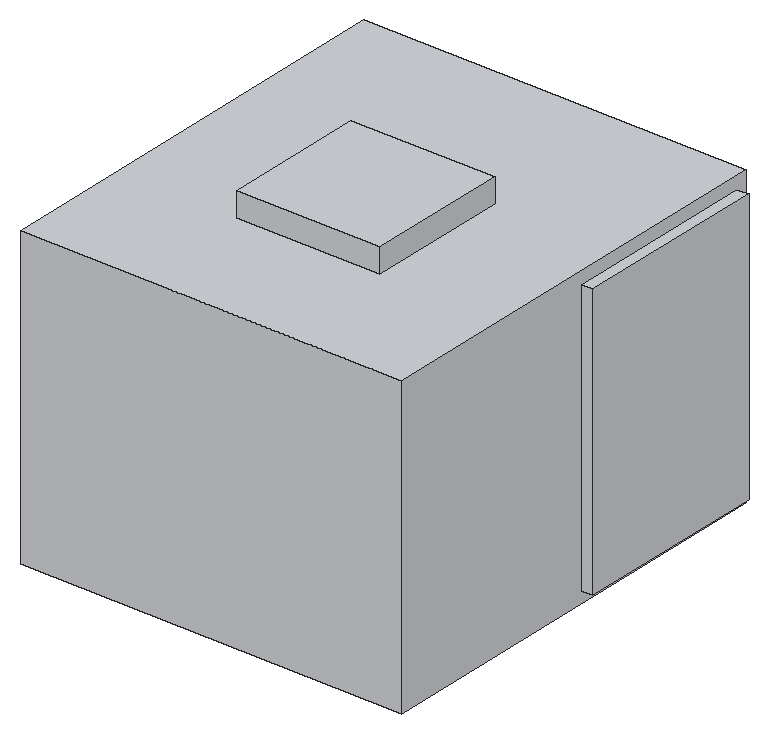
Revit family "M_Módulo do ventilador AHU - Descarga traseira", category Equipamento mecânico, Revit 2019
Family settings
  Cota do conector redondo = Utilizar diâmetro
  Tipo de parte = Normal
  Número OmniClass = 23.75.35.14
  Título OmniClass = Air Handling Units
  ID de item do Seek = AHU Fan Module - Rear Discharge Up-0000-CAN-ENU
  Com base no plano de trabalho = Não
  Sempre na vertical = Sim
  Corte com vazios quando carregada = Não
  Compartilhado = Não
  Ponto de cálculo do ambiente = Não
Parameters (values of type "Para 0,3 metros quadrados de serpentina")
  Largura 1 = 406.4 mm
  Voltagem = 208 V
  Largura da saída = 300 mm
  Altura da saída = 300 mm
  Classificação de carga = Refrigeração
  Largura interna = 800 mm
  Altura interna = 625 mm
  Material do ventilador = none
  Número de pólos = 1
  Fluxo de ar [instance] = 850.0 L/s
  Largura do ventilador = 900 mm
  Comprimento do ventilador = 800 mm
  Altura do ventilador = 625 mm
  Carga aparente [instance] = 13000 VA
  Pressão estática externa [instance] = 187.0 Pa
Types (17, lengths in mm): name | Largura 1 | Voltagem | Largura da saída | Altura da saída | Largura interna | Altura interna | Número de pólos | Fluxo de ar | Largura do ventilador | Comprimento do ventilador | Altura do ventilador | Carga aparente
  (no name) | 406.4 | 208 V | 300 | 300 | 800 | 625 | 1 | 850.0 L/s | 900 | 800 | 625 | 13000 VA
  Para 0,3 metros quadrados de serpentina | 406.4 | 208 V | 300 | 300 | 800 | 625 | 1 | 850.0 L/s | 900 | 800 | 625 | 13000 VA
  Para 9,3 metros quadrados de serpentina | 609.6 | 460 V | 1600 | 1400 | 3850 | 3000 | 3 | 28300.0 L/s | 2400 | 3850 | 3000 | 120000 VA
  Para 0,6 metros quadrados de serpentina | 406.4 | 208 V | 400 | 400 | 1100 | 700 | 1 | 1700.0 L/s | 1050 | 1100 | 700 | 26000 VA
  Para 0,7 metros quadrados de serpentina | 406.4 | 208 V | 450 | 450 | 1200 | 800 | 1 | 2300.0 L/s | 1100 | 1200 | 800 | 32000 VA
  Para 0,9 metros quadrados de serpentina | 406.4 | 208 V | 500 | 500 | 1500 | 850 | 1 | 2800.0 L/s | 850 | 1500 | 850 | 44000 VA
  Para 1,1 metros quadrados de serpentina | 406.4 | 208 V | 550 | 550 | 1600 | 950 | 3 | 3400.0 L/s | 950 | 1600 | 950 | 53000 VA
  Para 1,3 metros quadrados de serpentina | 406.4 | 208 V | 600 | 600 | 1700 | 1000 | 3 | 4000.0 L/s | 1000 | 1700 | 1000 | 63000 VA
  Para 1,6 metros quadrados de serpentina | 406.4 | 208 V | 700 | 700 | 1850 | 1100 | 3 | 4800.0 L/s | 1100 | 1850 | 1100 | 75000 VA
  Para 2,0 metros quadrados de serpentina | 609.6 | 208 V | 700 | 700 | 1900 | 1250 | 3 | 6000.0 L/s | 1250 | 1900 | 1250 | 95000 VA
  Para 2,3 metros quadrados de serpentina | 609.6 | 208 V | 800 | 800 | 1950 | 1400 | 3 | 7000.0 L/s | 1400 | 1950 | 1400 | 95000 VA
  Para 2,8 metros quadrados de serpentina | 609.6 | 208 V | 800 | 800 | 2300 | 1400 | 3 | 8500.0 L/s | 1400 | 2300 | 1400 | 120000 VA
  Para 3,3 metros quadrados de serpentina | 609.6 | 460 V | 850 | 850 | 2400 | 1550 | 3 | 9900.0 L/s | 1550 | 2400 | 1550 | 120000 VA
  Para 3,7 metros quadrados de serpentina | 609.6 | 460 V | 950 | 950 | 2750 | 1550 | 3 | 11300.0 L/s | 1550 | 2750 | 1550 | 120000 VA
  Para 4,6 metros quadrados de serpentina | 609.6 | 460 V | 1050 | 1050 | 3000 | 1850 | 3 | 14200.0 L/s | 1750 | 3000 | 1850 | 120000 VA
  Para 6,1 metros quadrados de serpentina | 609.6 | 460 V | 1200 | 1050 | 3500 | 2300 | 3 | 18700.0 L/s | 2100 | 3500 | 2300 | 120000 VA
  Para 7,4 metros quadrados de serpentina | 609.6 | 460 V | 1300 | 1250 | 3500 | 2750 | 3 | 22700.0 L/s | 2300 | 3500 | 2750 | 120000 VA
Reference planes
  plane 1 "Centro (Frente/Trás)": y = 0
  plane 2: z = 0
  plane 3 "Centro (Esquerda/Direita)": x = 0
  plane 4: y = 900
  plane 5: x = -400
  plane 6: x = 400
  plane 7: z = 625
  plane 8: x = -425.4
  plane 9: x = 425.4
  plane 10: y = 874.6
  plane 11: y = 468.2
  plane 12: z = 599.6
  plane 13: z = 25.4
  plane 14: y = 254
  plane 15: x = -150
  plane 16: x = 150
  plane 17: y = 554
  plane 18: z = 675.8
  plane 19: y = 671.4
  plane 20: z = 101.6
Forms (mm)
  Extrusion 1, solid, material <- "Material do ventilador"
    sketch origin (0, 0, 0) x (1, 0, 0) y (0, 1, 0)
      loop
        line (400, 900) -> (-400, 900) -> (-400, 0) -> (400, 0) -> (400, 900)
    from 0 to 625
  Extrusion 2, solid, material <- "Material do ventilador"
    sketch origin (0, 0, 0) x (1, 0, 0) y (0, 1, 0)
      loop
        line (-425.4, 874.6) -> (-425.4, 468.2) -> (-400, 468.2) -> (-400, 874.6) -> (-425.4, 874.6)
      loop
        line (400, 874.6) -> (400, 468.2) -> (425.4, 468.2) -> (425.4, 874.6) -> (400, 874.6)
    from 25.4 to 599.6
  Extrusion 3, solid, material <- "Material do ventilador"
    sketch origin (0, 0, 0) x (1, 0, 0) y (0, 1, 0)
      loop
        line (-150, 554) -> (-150, 254) -> (150, 254) -> (150, 554) -> (-150, 554)
    from 625 to 675.8
  Extrusion 4, solid, material <- "Material do ventilador"
    sketch origin (0, 0, 0) x (0, 1, 0) y (0, 0, 1)
      loop
        circle (671.4, 101.6) r 12.7
    from -425.4 to -400
Cuts and joins
  joined: Extrusion 1, Extrusion 2, Extrusion 3, Extrusion 4
Dimensions and locks
  equal spacing: plane 5, plane 3 "Centro (Esquerda/Direita)", plane 6
  "Largura do ventilador": plane 4 to plane 1 "Centro (Frente/Trás)"
  "Altura do ventilador": plane 2 to plane 7
  locked: plane 6 to plane 9 at 25.4
  locked: plane 4 to plane 10 at 25.4
  locked: plane 12 to plane 7 at 25.4
  locked: plane 2 to plane 13 at 25.4
  "Comprimento do ventilador": plane 5 to plane 6
  locked: plane 8 to plane 5 at 25.4
  "Largura 1": plane 10 to plane 11
  locked: plane 1 "Centro (Frente/Trás)" to plane 14 at 254
  equal spacing: plane 15, plane 3 "Centro (Esquerda/Direita)", plane 16
  "Largura da saída": plane 15 to plane 16
  "Altura da saída": plane 17 to plane 14
  locked: plane 7 to plane 18 at 50.8
  equal spacing: plane 10, plane 19, plane 11
  locked: plane 20 to plane 2 at 101.6
  radius of Extrusion 4 sketch curve = 12.7 mm
  aligned and locked: plane 6 to Extrusion 1 sketch curve
  aligned and locked: plane 4 to Extrusion 1 sketch curve
  aligned and locked: plane 1 "Centro (Frente/Trás)" to Extrusion 1 sketch curve
  aligned and locked: Extrusion 1 sketch curve to plane 5
  aligned and locked: Extrusion 1 to plane 2
  aligned and locked: plane 7 to Extrusion 1
  aligned and locked: Extrusion 2 sketch curve to plane 10  (x2)
  aligned and locked: plane 8 to Extrusion 2 sketch curve
  aligned and locked: plane 11 to Extrusion 2 sketch curve  (x2)
  aligned and locked: Extrusion 2 sketch curve to plane 5
  aligned and locked: Extrusion 2 sketch curve to plane 9
  aligned and locked: plane 6 to Extrusion 2 sketch curve
  aligned and locked: plane 12 to Extrusion 2
  aligned and locked: Extrusion 2 to plane 13
  aligned and locked: plane 15 to Extrusion 3 sketch curve
  aligned and locked: Extrusion 3 sketch curve to plane 17
  aligned and locked: plane 14 to Extrusion 3 sketch curve
  aligned and locked: Extrusion 3 sketch curve to plane 16
  aligned and locked: plane 7 to Extrusion 3
  aligned and locked: plane 18 to Extrusion 3
  aligned and locked: Extrusion 4 to plane 8
  aligned and locked: plane 5 to Extrusion 4
Automatic sketch dimensions
  Extrusion 4 sketch curve to plane 19 = 0 mm
  Extrusion 4 sketch curve to plane 20 = 0 mm
Connectors
  hvac at (0, 0, 312.5), driven by "Fluxo de ar", driven by "Altura interna", driven by "Largura interna"
    settings: on Extrusion 1, index 1, duct flow 850.0 L/s, flow factor 0, pres drop 0.0 Pa, loss coef 0, conn angle 0.00°, conn width 800 mm, conn height 625 mm, conn diameter 609.6 mm, duct sys type 29, conn prof type 1, flow config 0, flow direction 0, loss method 4, conn ref index 2, conn util no, is conn primary yes, conn desc ""
  hvac at (0, 404, 675.8), driven by "Fluxo de ar", driven by "Largura da saída", driven by "Altura da saída"
    settings: on Extrusion 3, index 2, duct flow 850.0 L/s, flow factor 0, pres drop 0.0 Pa, loss coef 0, conn angle 0.00°, conn width 300 mm, conn height 300 mm, conn diameter 609.6 mm, duct sys type 29, conn prof type 1, flow config 0, flow direction 0, loss method 0, conn ref index 1, conn util no, is conn primary no, conn desc ""
  electrical at (-425.4, 671.4, 101.6), driven by "Voltagem", driven by "Número de pólos", driven by "Carga aparente", driven by "Classificação de carga"
    settings: on Extrusion 4, index 3, voltage 208 V, apparent load 13000 VA, apparent load phase1 0 VA, apparent load phase2 0 VA, apparent load phase3 0 VA, power factor 0.8, load classification "Refrigeração", number of poles 1, system type 30, power factor state 1, is connector primary yes, connector utility no, sub classification motor no, connector description ""
